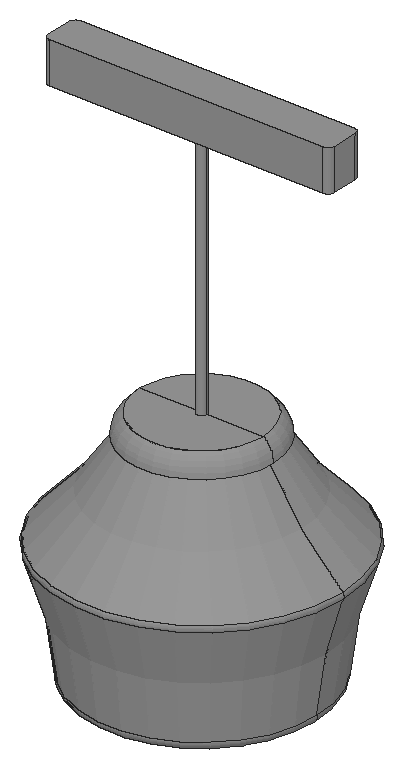
Revit family "63_UN_Pendant_GO-2S Track_Signify", category Lighting Fixtures, Revit 2019
Family settings
  Round Connector Dimension = Use Diameter
  Part Type = Normal
  OmniClass Number = 23.80.70.11
  OmniClass Title = Luminaries for Internal Lighting
  Work Plane-Based = No
  Always vertical = Yes
  Cut with Voids When Loaded = No
  Light Source = No
  Shared = No
  Room Calculation Point = Yes
Parameters (values of type "GO-1S")
  Wattage Comments = "10W"
  Voltage = 230 V
  URL = "https://www.signify.com/global/innovation/3d-printing"
  Type Comments = "GO-2S"
  Pendant_Material = UHMW, Black
  Pendant_Length [instance] = 200 mm
  Symbol_ToScale [instance] = yes
  Symbol_RealSize [instance] = not(Symbol_ToScale)  # no
  Switch Code [instance] = ""
  Model = "Pendant"
  Manufacturer = "Signify"
  Luminaire Code [instance] = ""
  Lamp = "LED"
  IfcExportType = "USERDEFINED"
  IfcExportAs = "IfcLightFixtureType"
  Housing_Material = Select RGB Value for different appearance
  Description = ""
  Content Creator® = "www.ivlibrary.com"
  Calc_Pendant_Length [instance] = if(Pendant_Length < 200 mm, 200 mm, if(Pendant_Length > 3000 mm, 3000 mm, Pendant_Length))  # 200 mm
  Assembly Code = "63.0"
  Apparent Load = 10 VA
Reference planes
  plane 1 "Center (Front/Back)": y = 0
  plane 2: z = 0
  plane 3 "Center (Left/Right)": x = 0
  plane 4: z = -200
  plane 5: z = -330
Forms (mm)
  Extrusion 1, solid, material "UHMW, Black" <- "Pendant_Material"
    sketch origin (0, 0, 0) x (1, 0, 0) y (0, 1, 0)
      loop
        circle (0, 0) r 3.848
    from -200 to 0
  Extrusion 2, solid, material "UHMW, Black" <- "Pendant_Material"
    sketch origin (0, 0, 0) x (1, 0, 0) y (0, 1, 0)
      loop
        arc (-106.872, 14.982) -> (-110.407, 13.518) -> (-111.872, 9.982) r 5
        line (-111.872, 9.982) -> (-111.872, -9.982)
        arc (-111.872, -9.982) -> (-110.407, -13.518) -> (-106.872, -14.982) r 5
        line (-106.872, -14.982) -> (106.872, -14.982)
        arc (106.872, -14.982) -> (110.407, -13.518) -> (111.872, -9.982) r 5
        line (111.872, -9.982) -> (111.872, 9.982)
        arc (111.872, 9.982) -> (110.407, 13.518) -> (106.872, 14.982) r 5
        line (106.872, 14.982) -> (-106.872, 14.982)
    from -2 to 30
Lines and regions (mm)
  symbolic lines, visible <- "Symbol_RealSize"
    curve 1: circle (0, 0, 0) r 110 normal (0, 0, 1)
    curve 2: line (-77.782, 77.782, 0) -> (0, 0, 0)
    curve 3: line (0, 0, 0) -> (-77.782, -77.782, 0)
    curve 4: line (77.782, 77.782, 0) -> (0, 0, 0)
    curve 5: line (0, 0, 0) -> (77.782, -77.782, 0)
Dimensions and locks
  "Calc_Pendant_Length": plane 2 to plane 4
  locked: plane 4 to plane 5 at 130
  Extrusion 2 sketch curve to Extrusion 2 sketch curve = 223.743 mm
  Extrusion 2 sketch curve to Extrusion 2 sketch curve = 29.965 mm
  aligned and locked: level to plane 2
  aligned and locked: plane 2 to Extrusion 1
  aligned and locked: plane 4 to Extrusion 1
  aligned and locked: nested 1 to plane 4
Automatic sketch dimensions
  plane 1 "Center (Front/Back)" to curve 2 = 0 mm
  curve 2 to plane 3 "Center (Left/Right)" = 0 mm
  plane 1 "Center (Front/Back)" to curve 1 = 0 mm
  curve 1 to plane 3 "Center (Left/Right)" = 0 mm
  curve 3 to plane 3 "Center (Left/Right)" = 77.782 mm
  curve 2 to plane 3 "Center (Left/Right)" = 77.782 mm
  plane 1 "Center (Front/Back)" to curve 5 = 77.782 mm
  plane 1 "Center (Front/Back)" to Extrusion 1 sketch curve = 0 mm
  Extrusion 1 sketch curve to plane 3 "Center (Left/Right)" = 0 mm
  plane 1 "Center (Front/Back)" to Extrusion 2 sketch curve = 9.982 mm
  Extrusion 2 sketch curve to plane 3 "Center (Left/Right)" = 111.872 mm
  Extrusion 2 sketch curve to Extrusion 2 sketch curve = 5 mm  (x4)
  radius of Extrusion 1 sketch curve = 3.848 mm
Nested families
  nested 1: "GO-2S" at (0, 0, -200), Housing_Material <- "Housing_Material", type "Geometry"
    with Housing_Material Select RGB Value for different appearance
  nested 2: "Ø220 Symbol_Signify" at (0, 0, 0), visible <- "Symbol_ToScale", type "Ø400 Symbol_Signify"
Connectors
  electrical at (0, 0, 0), driven by "Apparent Load", driven by "Voltage"
    settings: index 1, voltage 230 V, apparent load 0 VA, apparent load phase1 10 VA, apparent load phase2 0 VA, apparent load phase3 0 VA, power factor 1, load classification "Other", number of poles 1, system type 31, power factor state 1, is connector primary yes, connector utility no, sub classification motor no, connector description ""
Definition of nested family "GO-2S"
  Parameters (values of type "Geometry")
    URL = "Signify.com"
    Type Comments = ""
    Model = "Geometry"
    Manufacturer = "Signify"
    Lamp = "LED"
    Housing_Material [instance] = none
    Assembly Code = "63.xx"
    Apparent Load = 41 VA
  Reference planes
    plane 1 "Center (Front/Back)": y = 0
    plane 2: z = 0
    plane 3 "Center (Left/Right)": x = 0
    plane 4: z = 0
  Forms (mm)
    Revolve 1, solid, material <- "Housing_Material"
      sketch origin (0, 0, 20.589) x (1, 0, 0) y (0, 0, 1)
        loop
          arc (-52.295, -36.196) -> (-78.513, -74.486) -> (-110.264, -108.329) r 303.411
          arc (-110.264, -108.329) -> (-111.021, -110.618) -> (-110.649, -113) r 5.131
          arc (-110.649, -113) -> (-96.804, -156.309) -> (-90.262, -201.305) r 275.838
          arc (-90.262, -201.305) -> (-89.247, -205.323) -> (-85.915, -207.789) r 6.16
          arc (-85.915, -207.789) -> (-42.999, -224.483) -> (-3.153, -247.565) r 299.17
          arc (-3.153, -247.565) -> (-1.65, -248.334) -> (0, -248.693) r 6.55
          line (0, -248.693) -> (0, -247.912)
          arc (0, -247.912) -> (-1.43, -247.588) -> (-2.734, -246.916) r 5.811
          arc (-2.734, -246.916) -> (-42.679, -223.777) -> (-85.701, -207.042) r 299.91
          arc (-85.701, -207.042) -> (-88.644, -204.855) -> (-89.522, -201.295) r 5.42
          arc (-89.522, -201.295) -> (-96.08, -156.16) -> (-109.966, -112.717) r 276.577
          arc (-109.966, -112.717) -> (-110.287, -110.727) -> (-109.686, -108.803) r 4.392
          arc (-109.686, -108.803) -> (-77.77, -74.741) -> (-51.441, -36.196) r 304.151
          line (-51.441, -36.196) -> (-52.295, -36.196)
        axis (0, -36.196) -> (0, -248.693)
      angle from 0 to 360
    Revolve 2, solid
      sketch origin (0, 0, 0) x (1, 0, 0) y (0, 0, 1)
        loop
          line (0, -15.607) -> (0, 0) -> (-48.127, 0)
          arc (-48.127, 0) -> (-53.977, -6.894) -> (-56.393, -15.607) r 21.034
          line (-56.393, -15.607) -> (0, -15.607)
        axis (0, 0) -> (0, -15.607)
      angle from 0 to 360
  Lines and regions (mm)
    reference lines
      curve 1: line (-173.969, 0, 0) -> (173.969, 0, 0)
  Dimensions and locks
    aligned and locked: level to plane 2
Definition of nested family "Ø220 Symbol_Signify"
  Reference planes
    plane 1: y = 0
    plane 2: x = 0
  Lines and regions (mm)
    detail lines
      curve 1: circle (0, 0, 0) r 1.1 normal (0, 0, 1)
      curve 2: line (0, 0, 0) -> (-0.778, -0.778, 0)
      curve 3: line (-0.778, 0.778, 0) -> (0, 0, 0)
      curve 4: line (0, 0, 0) -> (0.778, -0.778, 0)
      curve 5: line (0.778, 0.778, 0) -> (0, 0, 0)
